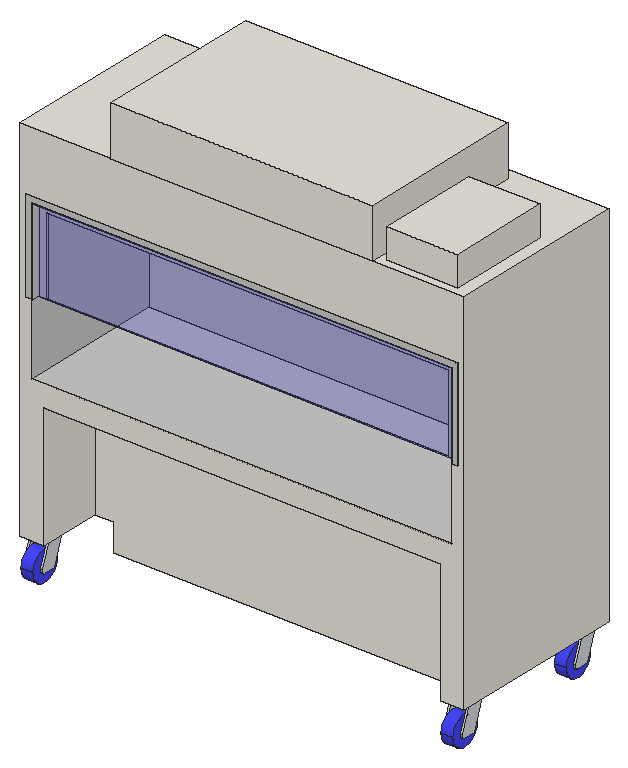
Revit family "BSC-Class-II_Type-A2_NuAire_BioSafetyCab_602", category Mechanical Equipment, Revit 2026
Family settings
  Round Connector Dimension = Use Diameter
  Part Type = Normal
  Classification Number = 23.40.70.11.11.11.11
  Work Plane-Based = No
  Always vertical = Yes
  Cut with Voids When Loaded = No
  Maintain Annotation Orientation = No
  Shared = No
  Room Calculation Point = No
Parameters (values of type "NU-602-600")
  Workzone height [instance] = 2' - 2 1/2"
  Workzone depth = 2' - 0 1/2"
  WORK SURFACE HEIGHT = 2' - 6.84426"
  WIDTH = 6' - 2 1/2"
  URL = "http://www.nuaire.com/"
  Specification = "http://www.arcat.com/specwizard/swlist.cgi?coid=46446&mf=04&coname=NuAire%20Laboratory%20Equipment%20Supply%20&webabrv=nuaire&swlist=115300nle.11600nle.Laboratory.Equipment_"
  Sales Information = "http://www.nuaire.com/contact-us/sales-requests.php"
  Revision = "R1_12/2015"
  Product Properties = "http://www.nuaire.com/products/labgard-es-energy-saver-nu-602-class-ii-type-a2-animal-handling-biosafety-cabinet.html"
  Product Data = "http://www.arcat.com/arcatcos/cos46/arc46446.html"
  Model = "NU-602-600"
  Manufacturer Website = "http://www.nuaire.com/"
  Manufacturer Phone - Toll Free = "800-328-3352"
  Manufacturer Phone = "763-553-1270"
  Manufacturer Fax = "763-553-0459"
  Manufacturer Address = "2100 Fernbrook Lane, Plymouth, MN 55447 USA"
  Manufacturer = "Nuaire Inc"
  Keynote = "11 53 00"
  HEIGHT = 5' - 8 5/8"
  EXHAUST WIDTH = 3' - 7 15/16"
  EXHAUST SIDE = 1' - 3 1/4"
  Drawn By = ""
  Description = "Class II Type A2 Biological Safety Cabinet"
  Default Elevation = 0' - 0"
  DEPTH = 2' - 6 1/4"
  Copyright = "� 2015, ARCAT,Inc"
  Construction Details = "http://www.arcat.com/details/nuaire/nuaire.html?coid=46446"
  Assembly Code = "E1020720"
Types (3): name | WORK SURFACE HEIGHT | WIDTH | Model | EXHAUST WIDTH | EXHAUST SIDE
  NU-602-400 | 2' - 7" | 4' - 2 1/2" | "NU-602-400" | 2' - 8" | 0' - 4 3/4"
  NU-602-500 | 2' - 6.84426" | 5' - 2 1/2" | "NU-602-500" | 3' - 2" | 0' - 9 1/4"
  NU-602-600 | 2' - 6.84426" | 6' - 2 1/2" | "NU-602-600" | 3' - 7 15/16" | 1' - 3 1/4"
Reference planes (in)
  plane 1 "Center (Front/Back)": y = 0
  plane 2: z = 0
  plane 3 "Center (Left/Right)": x = 0
  plane 4: y = 15.125
  plane 5: y = -15.125
  plane 6: x = -37.25
  plane 7: x = 37.25
  plane 8: z = 68.625
  plane 9: z = 1.875
  plane 10: z = 77
  plane 11: z = 30.84426
  plane 12: z = 57.34426
  plane 13: y = 9.375
  plane 14: x = 0
  plane 15: x = 0
Forms (in)
  Extrusion 1, solid
    sketch origin (0, 0, 0) x (1, 0, 0) y (0, 1, 0)
      loop
        line (-37.25, 15.125) -> (-37.25, -15.125) -> (37.25, -15.125) -> (37.25, 15.125) -> (-37.25, 15.125)
    from 1.875 to 68.625
  Extrusion 2, void
    sketch origin (0, 0, 0) x (1, 0, 0) y (0, 0, 1)
      loop
        line (-37.25, 0) -> (-30, 0) -> (-30, 6.5) -> (-37.25, 6.5) -> (-37.25, 0)
      loop
        line (37.25, 0) -> (37.25, 6.5) -> (30, 6.5) -> (30, 0) -> (37.25, 0)
    from -15.125 to 15.125
  Extrusion 3, solid
    sketch origin (0, 0, 0) x (1, 0, 0) y (0, 1, 0)
      loop
        line (-22, 13.125) -> (-22, -15.125) -> (21.9375, -15.125) -> (21.9375, 13.125) -> (-22, 13.125)
    from 68.625 to 77
  Extrusion 4, void
    sketch origin (0, 0, 0) x (1, 0, 0) y (0, 0, 1)
      loop
        line (-35.25, 57.34426) -> (-35.25, 30.84426) -> (35.25, 30.84426) -> (35.25, 57.34426) -> (-35.25, 57.34426)
    from -9.375 to 15.125
  Extrusion 5, solid
    sketch origin (0, 0, 0) x (1, 0, 0) y (0, 0, 1)
      loop
        line (-35.25, 42.84426) -> (-35.25, 57.34426) -> (35.25, 57.34426) -> (35.25, 42.84426) -> (36.25, 42.84426) -> (36.25, 58.34426) -> (-36.25, 58.34426) -> (-36.25, 42.84426) -> (-35.25, 42.84426)
    from 15.125 to 15.1875
  Extrusion 6, void
    sketch origin (0, 0, 0) x (1, 0, 0) y (0, 1, 0)
      loop
        line (-33.25, -15.125) -> (33.25, -15.125) -> (33.25, -4.5) -> (-33.25, -4.5) -> (-33.25, -15.125)
    from 1.875 to 27.125
  Extrusion 7, solid
    sketch origin (0, 0, 0) x (1, 0, 0) y (0, 0, 1)
      loop
        line (-35.25, 42.84426) -> (-35.15, 42.84426) -> (-35.15, 57.24426) -> (35.15, 57.24426) -> (35.15, 42.84426) -> (35.25, 42.84426) -> (35.25, 57.34426) -> (-35.25, 57.34426) -> (-35.25, 42.84426)
    from 13.8125 to 15.1875
  Extrusion 8, solid
    sketch origin (0, 0, 0) x (1, 0, 0) y (0, 0, 1)
      loop
        line (-35.25, 42.84426) -> (-33.75, 42.84426) -> (-33.75, 55.84426) -> (33.75, 55.84426) -> (33.75, 42.84426) -> (35.25, 42.84426) -> (35.25, 57.34426) -> (-35.25, 57.34426) -> (-35.25, 42.84426)
    from 13.8125 to 13.9125
  Extrusion 9, solid
    sketch origin (0, 0, 0) x (1, 0, 0) y (0, 0, 1)
      loop
        line (-35.15, 57.24426) -> (-35.15, 42.84426) -> (35.15, 42.84426) -> (35.15, 57.24426) -> (-35.15, 57.24426)
    from 13.9125 to 14.1625
  Extrusion 10, solid
    sketch origin (0, 0, 0) x (0, 1, 0) y (0, 0, 1)
      loop
        circle (10.0625, 2.5) r 2.5
      loop
        circle (-13.6875, 2.5) r 2.5
    from -36.23703 to -34.23703
  Extrusion 11, solid
    sketch origin (0, 0, 0) x (0, 1, 0) y (0, 0, -1)
      loop
        circle (10.0625, -2.5) r 2.5
      loop
        circle (-13.6875, -2.5) r 2.5
    from -36.25 to -34.25
  Extrusion 12, solid
    sketch origin (0, 0, 0) x (0, 1, 0) y (0, 0, 1)
      loop
        arc (-14.89469, 2.54601) -> (-14.83442, 2.08821) -> (-14.42485, 1.875) r 0.5
        line (-14.42485, 1.875) -> (-12.625, 1.875) -> (-10.94164, 6.5) -> (-13.45556, 6.5) -> (-14.89469, 2.54601)
      loop
        arc (8.85531, 2.54601) -> (8.91558, 2.08821) -> (9.32515, 1.875) r 0.5
        line (9.32515, 1.875) -> (11.125, 1.875) -> (12.80836, 6.5) -> (10.29444, 6.5) -> (8.85531, 2.54601)
    from 36.48809 to 36.81915
  Extrusion 13, solid
    sketch origin (0, 0, 0) x (0, 1, 0) y (0, 0, -1)
      loop
        line (-14.89469, -2.54601) -> (-13.45556, -6.5) -> (-10.94164, -6.5) -> (-12.625, -1.875) -> (-14.42485, -1.875)
        arc (-14.42485, -1.875) -> (-14.83442, -2.08821) -> (-14.89469, -2.54601) r 0.5
      loop
        line (8.85531, -2.54601) -> (10.29444, -6.5) -> (12.80836, -6.5) -> (11.125, -1.875) -> (9.32515, -1.875)
        arc (9.32515, -1.875) -> (8.91558, -2.08821) -> (8.85531, -2.54601) r 0.5
    from 36.48422 to 36.81915
  Extrusion 14, solid
    sketch origin (0, 0, 0) x (0, 1, 0) y (0, 0, 1)
      loop
        line (12.80836, 6.5) -> (10.29444, 6.5) -> (8.85531, 2.54601)
        arc (8.85531, 2.54601) -> (8.91558, 2.08821) -> (9.32515, 1.875) r 0.5
        line (9.32515, 1.875) -> (11.125, 1.875) -> (12.80836, 6.5)
      loop
        line (-10.95556, 6.5) -> (-13.45556, 6.5) -> (-14.88324, 2.54476)
        arc (-14.88324, 2.54476) -> (-14.82214, 2.08767) -> (-14.41294, 1.875) r 0.5
        line (-14.41294, 1.875) -> (-12.625, 1.875) -> (-10.95556, 6.5)
    from 33.65538 to 34.00397
  Extrusion 15, solid
    sketch origin (0, 0, 0) x (0, 1, 0) y (0, 0, -1)
      loop
        line (12.80836, -6.5) -> (11.125, -1.875) -> (9.32515, -1.875)
        arc (9.32515, -1.875) -> (8.91558, -2.08821) -> (8.85531, -2.54601) r 0.5
        line (8.85531, -2.54601) -> (10.29444, -6.5) -> (12.80836, -6.5)
      loop
        line (-10.95556, -6.5) -> (-12.625, -1.875) -> (-14.41294, -1.875)
        arc (-14.41294, -1.875) -> (-14.82214, -2.08767) -> (-14.88324, -2.54476) r 0.5
        line (-14.88324, -2.54476) -> (-13.45556, -6.5) -> (-10.95556, -6.5)
    from 33.65538 to 34.00397
  Extrusion 16, solid
    sketch origin (0, 0, 0) x (1, 0, 0) y (0, 0, 1)
      loop
        line (24.3125, 69.625) -> (36.1875, 69.625) -> (36.1875, 74.625) -> (24.3125, 74.625) -> (24.3125, 69.625)
    from -2.125 to 15.125
Cuts and joins
  Extrusion 2, Extrusion 4, Extrusion 6 cuts Extrusion 1
Lines and regions (in)
  model lines
    curve 1: line (-11, -4.5, 25.5) -> (11, -4.5, 25.5)
    curve 2: line (-11, -4.5, 3.5) -> (-11, -4.5, 25.5)
    curve 3: line (11, -4.5, 3.5) -> (-11, -4.5, 3.5)
    curve 4: line (11, -4.5, 25.5) -> (11, -4.5, 3.5)
    curve 5: line (-21.75, -15.125, 76.708) -> (21.72146, -15.125, 76.708)
    curve 6: line (-21.75, -15.125, 68.958) -> (-21.75, -15.125, 76.708)
    curve 7: line (21.72146, -15.125, 68.958) -> (-21.75, -15.125, 68.958)
    curve 8: line (21.72146, -15.125, 76.708) -> (21.72146, -15.125, 68.958)
    curve 9: circle (33.5438, -15.125, 71.91256) r 1.5 normal (0, -1, 0)
    curve 10: circle (30.75443, -15.125, 71.75399) r 0.5 normal (0, -1, 0)
    curve 11: line (28.9013, -15.125, 72.49953) -> (29.6513, -15.125, 72.49953)
    curve 12: line (28.9013, -15.125, 70.99953) -> (28.9013, -15.125, 72.49953)
    curve 13: line (29.6513, -15.125, 70.99953) -> (28.9013, -15.125, 70.99953)
    curve 14: line (29.6513, -15.125, 72.49953) -> (29.6513, -15.125, 70.99953)
    curve 15: line (27.24318, -15.125, 72.49953) -> (27.97354, -15.125, 72.49953)
    curve 16: line (27.24318, -15.125, 70.99953) -> (27.24318, -15.125, 72.49953)
    curve 17: line (27.97354, -15.125, 70.99953) -> (27.24318, -15.125, 70.99953)
    curve 18: line (27.97354, -15.125, 72.49953) -> (27.97354, -15.125, 70.99953)
    curve 19: line (25.36151, -15.125, 72.49953) -> (26.61151, -15.125, 72.49953)
    curve 20: line (25.36151, -15.125, 70.99953) -> (25.36151, -15.125, 72.49953)
    curve 21: line (26.61151, -15.125, 70.99953) -> (25.36151, -15.125, 70.99953)
    curve 22: line (26.61151, -15.125, 72.49953) -> (26.61151, -15.125, 70.99953)
Dimensions and locks (in)
  equal spacing: plane 6, plane 3 "Center (Left/Right)", plane 7
  equal spacing: plane 5, plane 1 "Center (Front/Back)", plane 4
  "DEPTH": plane 5 to plane 4
  "WIDTH": plane 6 to plane 7
  "HEIGHT": plane 8 to level
  locked: plane 9 to level at 1.875
  locked: Extrusion 2 sketch curve to Extrusion 2 sketch curve at 6.5
  locked: Extrusion 2 sketch curve to Extrusion 2 sketch curve at 7.25
  Extrusion 2 sketch curve to Extrusion 2 sketch curve to Extrusion 2 sketch curve = 0' - 7 1/4" locked, 5' - 0"
  locked: plane 10 to cut or joined group of Extrusion 1, Extrusion 2, Extrusion 4, Extrusion 6 at 8.375
  "EXHAUST SIDE": plane 6 to Extrusion 3 sketch curve
  "EXHAUST WIDTH": Extrusion 3 sketch curve to Extrusion 3 sketch curve
  locked: Extrusion 3 sketch curve to plane 4 at 2
  "WORK SURFACE HEIGHT": plane 11 to level
  "Workzone depth": plane 13 to plane 5
  "Workzone height": plane 12 to plane 11
  locked: Extrusion 4 sketch curve to plane 6 at 2
  locked: Extrusion 4 sketch curve to plane 7 at 2
  Extrusion 5 sketch curve to Extrusion 5 sketch curve to Extrusion 5 sketch curve = 5' - 10 1/2", 0' - 1" locked
  locked: Extrusion 5 sketch curve to Extrusion 5 sketch curve at 1
  Extrusion 5 sketch curve to Extrusion 5 sketch curve to Extrusion 5 sketch curve = 1' - 2 1/2", 0' - 1" locked
  locked: Extrusion 5 sketch curve to plane 11 at 12
  locked: plane 5 to Extrusion 5 at 0.0625
  locked: plane 6 to Extrusion 6 sketch curve at 4
  locked: Extrusion 6 sketch curve to plane 7 at 4
  locked: Extrusion 6 sketch curve to plane 5 at 10.625
  locked: cut or joined group of Extrusion 1, Extrusion 2, Extrusion 4, Extrusion 6 to plane 9 at 25.25
  locked: Extrusion 5 to Extrusion 7 sketch curve at 0.1  (x3)
  locked: Extrusion 7 to Extrusion 7 at 1.375
  locked: cut or joined group of Extrusion 1, Extrusion 2, Extrusion 4, Extrusion 6 to Extrusion 8 sketch curve at 1.5  (x2)
  locked: plane 12 to Extrusion 8 sketch curve at 1.5
  locked: Extrusion 8 to Extrusion 8 at 0.1
  locked: Extrusion 8 to Extrusion 9 at 0.25
  locked: curve 3 to level at 3.5
  equal spacing: curve 4, plane 3 "Center (Left/Right)", curve 2
  locked: plane 3 "Center (Left/Right)" to curve 2 at 11
  locked: plane 4 to Extrusion 10 sketch curve at 5.0625
  locked: Extrusion 10 sketch curve to level at 2.5  (x2)
  locked: Extrusion 10 sketch curve to plane 5 at 1.4375
  locked: Extrusion 10 to plane 6 at 1.01297
  locked: Extrusion 10 to Extrusion 10 at 2
  locked: Extrusion 11 to Extrusion 11 at 2
  locked: plane 7 to Extrusion 11 at 1
  locked: Extrusion 12 sketch curve to Extrusion 12 sketch curve at 2.51392  (x2)
  locked: plane 7 to Extrusion 12 at 0.43085
  locked: Extrusion 13 sketch curve to Extrusion 13 sketch curve at 2.51392  (x2)
  locked: Extrusion 13 to plane 6 at 0.43085
  locked: Extrusion 10 to Extrusion 13 at 0.2472
  locked: Extrusion 12 to Extrusion 11 at 0.23809
  locked: Extrusion 11 to Extrusion 14 at 0.24603
  Extrusion 12 to Extrusion 12 = 0' - 0.33106"
  locked: Extrusion 14 to Extrusion 14 at 0.34859
  locked: Extrusion 15 to Extrusion 15 at 0.34859
  locked: Extrusion 15 to Extrusion 10 at 0.23306
  locked: Extrusion 16 sketch curve to Extrusion 16 sketch curve at 11.875
  locked: Extrusion 16 sketch curve to cut or joined group of Extrusion 1, Extrusion 2, Extrusion 4, Extrusion 6 at 1
  locked: Extrusion 16 sketch curve to Extrusion 16 sketch curve at 5
  locked: plane 7 to Extrusion 16 sketch curve at 1.0625
  locked: Extrusion 16 to Extrusion 16 at 17.25
  aligned and locked: level to plane 2
  aligned and locked: plane 4 to Extrusion 1 sketch curve
  aligned and locked: plane 6 to Extrusion 1 sketch curve
  aligned and locked: plane 5 to Extrusion 1 sketch curve
  aligned and locked: Extrusion 1 sketch curve to plane 7
  aligned and locked: Extrusion 1 to plane 9
  aligned and locked: Extrusion 2 sketch curve to Extrusion 2 sketch curve
  aligned and locked: Extrusion 2 to plane 4
  aligned and locked: Extrusion 2 to plane 5
  aligned and locked: plane 8 to Extrusion 1
  aligned and locked: plane 5 to Extrusion 3 sketch curve
  aligned and locked: plane 10 to Extrusion 3
  aligned and locked: Extrusion 3 to plane 8
  aligned and locked: Extrusion 4 sketch curve to plane 12
  aligned and locked: plane 11 to Extrusion 4 sketch curve
  aligned and locked: Extrusion 4 to plane 13
  aligned and locked: Extrusion 4 to plane 5
  aligned and locked: Extrusion 2 to plane 6
  aligned and locked: plane 7 to Extrusion 2
  aligned and locked: Extrusion 5 sketch curve to cut or joined group of Extrusion 1, Extrusion 2, Extrusion 4, Extrusion 6
  aligned and locked: plane 5 to Extrusion 5
  aligned and locked: Extrusion 5 sketch curve to Extrusion 5 sketch curve
  aligned and locked: Extrusion 5 to cut or joined group of Extrusion 1, Extrusion 2, Extrusion 4, Extrusion 6
  aligned and locked: Extrusion 6 sketch curve to plane 5
  aligned and locked: Extrusion 1 to Extrusion 6
  aligned and locked: Extrusion 7 sketch curve to Extrusion 5  (x2)
  aligned and locked: Extrusion 5 to Extrusion 7 sketch curve  (x2)
  aligned and locked: Extrusion 7 sketch curve to cut or joined group of Extrusion 1, Extrusion 2, Extrusion 4, Extrusion 6
  aligned: Extrusion 7 to Extrusion 5  (x2)
  aligned and locked: Extrusion 7 to Extrusion 5
  aligned and locked: Extrusion 8 sketch curve to plane 12
  aligned and locked: Extrusion 8 sketch curve to Extrusion 7  (x2)
  aligned and locked: Extrusion 8 sketch curve to Extrusion 5  (x2)
  aligned and locked: Extrusion 8 to Extrusion 7
  aligned and locked: Extrusion 7 to Extrusion 9 sketch curve  (x2)
  aligned and locked: Extrusion 9 sketch curve to Extrusion 8
  aligned and locked: Extrusion 9 sketch curve to Extrusion 7
  aligned and locked: Extrusion 9 to Extrusion 8
  aligned and locked: plane 9 to Extrusion 12 sketch curve
  aligned: Extrusion 16 to plane 5
  aligned and locked: Extrusion 16 to plane 5
Automatic sketch dimensions
  Extrusion 2 sketch curve to plane 6 = 0' - 0"
  Extrusion 2 sketch curve to level = 0' - 0"  (x2)
  Extrusion 6 to curve 1 = 0' - 1 5/8"
  plane 9 to Extrusion 11 sketch curve = 0' - 0 5/8"  (x2)
  plane 5 to Extrusion 11 sketch curve = 0' - 1 7/16"
  Extrusion 11 sketch curve to plane 13 = 0' - 0 11/16"
  curve 5 to Extrusion 3 = 0' - 0.21604"
  Extrusion 3 to curve 7 = 0' - 0 1/4"
  Extrusion 3 to curve 5 = 0' - 0.292"
  Extrusion 3 to curve 7 = 0' - 0.333"
  Extrusion 12 sketch curve to plane 9 = 0' - 0"
  plane 5 to Extrusion 12 sketch curve = 0' - 0.23031"
  plane 5 to Extrusion 12 sketch curve = 0' - 0.70015"
  plane 5 to Extrusion 12 sketch curve = 0' - 1.66944"
  Extrusion 12 sketch curve to Extrusion 12 sketch curve = 0' - 1.79985"
  plane 13 to Extrusion 12 sketch curve = 0' - 0.51969"
  plane 13 to Extrusion 12 sketch curve = 0' - 0.04985"
  Extrusion 12 sketch curve to plane 13 = 0' - 0.91944"
  Extrusion 12 sketch curve to plane 13 = 0' - 1 3/4"
  Extrusion 12 sketch curve to Extrusion 12 sketch curve = 0' - 0 1/2"  (x2)
  plane 9 to Extrusion 12 sketch curve = 0' - 4 5/8"  (x2)
  Extrusion 13 sketch curve to plane 9 = 0' - 0"  (x2)
  plane 5 to Extrusion 13 sketch curve = 0' - 0.23031"
  plane 5 to Extrusion 13 sketch curve = 0' - 0.70015"
  plane 5 to Extrusion 13 sketch curve = 0' - 1.66944"
  Extrusion 13 sketch curve to Extrusion 13 sketch curve = 0' - 1.79985"
  plane 13 to Extrusion 13 sketch curve = 0' - 0.51969"
  plane 13 to Extrusion 13 sketch curve = 0' - 0.04985"
  Extrusion 13 sketch curve to plane 13 = 0' - 0.91944"
  Extrusion 13 sketch curve to plane 13 = 0' - 1 3/4"
  Extrusion 13 sketch curve to Extrusion 13 sketch curve = 0' - 0 1/2"  (x2)
  Extrusion 13 sketch curve to Extrusion 13 sketch curve = 0' - 3.95399"
  plane 9 to Extrusion 13 sketch curve = 0' - 4 5/8"
  Extrusion 14 sketch curve to plane 9 = 0' - 0"  (x2)
  plane 5 to Extrusion 14 sketch curve = 0' - 0.24176"
  plane 5 to Extrusion 14 sketch curve = 0' - 0.71206"
  plane 5 to Extrusion 14 sketch curve = 0' - 1.66944"
  Extrusion 14 sketch curve to Extrusion 14 sketch curve = 0' - 1.78794"
  Extrusion 14 sketch curve to Extrusion 14 sketch curve = 0' - 2 1/2"
  plane 13 to Extrusion 14 sketch curve = 0' - 0.51969"
  plane 13 to Extrusion 14 sketch curve = 0' - 0.04985"
  Extrusion 14 sketch curve to plane 13 = 0' - 0.91944"
  Extrusion 14 sketch curve to plane 13 = 0' - 1 3/4"
  plane 4 to Extrusion 14 sketch curve = 0' - 2.31664"
  Extrusion 14 sketch curve to Extrusion 14 sketch curve = 0' - 0 1/2"  (x2)
  Extrusion 14 sketch curve to Extrusion 14 sketch curve = 0' - 3.95524"
  Extrusion 14 sketch curve to Extrusion 14 sketch curve = 0' - 3.95399"
  Extrusion 15 sketch curve to plane 9 = 0' - 0"  (x2)
  plane 5 to Extrusion 15 sketch curve = 0' - 0.24176"
  plane 5 to Extrusion 15 sketch curve = 0' - 0.71206"
  plane 5 to Extrusion 15 sketch curve = 0' - 1.66944"
  Extrusion 15 sketch curve to Extrusion 15 sketch curve = 0' - 1.78794"
  Extrusion 15 sketch curve to Extrusion 15 sketch curve = 0' - 2 1/2"
  plane 13 to Extrusion 15 sketch curve = 0' - 0.51969"
  plane 13 to Extrusion 15 sketch curve = 0' - 0.04985"
  Extrusion 15 sketch curve to plane 13 = 0' - 0.91944"
  Extrusion 15 sketch curve to plane 13 = 0' - 1 3/4"
  plane 4 to Extrusion 15 sketch curve = 0' - 2.31664"
  Extrusion 15 sketch curve to Extrusion 15 sketch curve = 0' - 0 1/2"  (x2)
  plane 9 to Extrusion 15 sketch curve = 0' - 4 5/8"  (x2)
  curve 20 to Extrusion 16 = 0' - 1.04901"
  curve 20 to curve 21 = 0' - 1 1/4"
  curve 21 to curve 17 = 0' - 0.63166"
  curve 16 to curve 18 = 0' - 0.73036"
  curve 15 to curve 12 = 0' - 0.92776"
  curve 12 to curve 14 = 0' - 0 3/4"
  curve 11 to curve 10 = 0' - 1.10313"
  curve 9 to Extrusion 16 = 0' - 2.6437"
  curve 22 to Extrusion 16 = 0' - 1.37453"
  curve 17 to curve 21 = 0' - 0"
  curve 12 to curve 17 = 0' - 0"
  curve 13 to curve 10 = 0' - 0.75446"
  curve 9 to Extrusion 16 = 0' - 2.28756"
  curve 17 to curve 15 = 0' - 1 1/2"
  curve 10 to curve 14 = 0' - 0.74554"
  curve 20 to curve 19 = 0' - 1 1/2"
  radius of Extrusion 10 sketch curve = 0' - 2 1/2"  (x2)
  radius of Extrusion 11 sketch curve = 0' - 2 1/2"  (x2)
  radius of curve 9 = 0' - 1 1/2"
  radius of curve 10 = 0' - 0 1/2"
